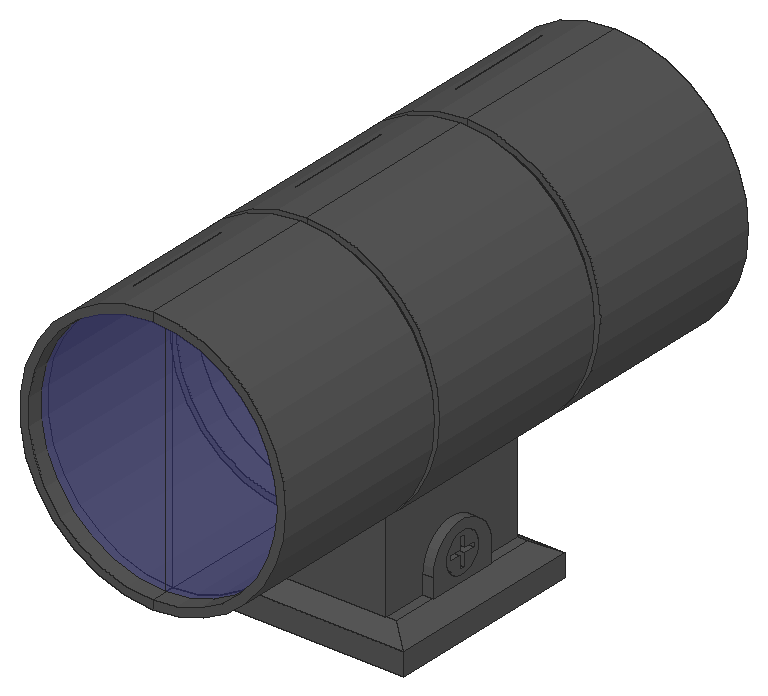
Revit family "CARLO CYLINDER LIGHT WALL MOUNT", category Lighting Fixtures, host Face, Revit 2020 (continued)
Types (10): name | Wattage_Input | Wattage Comments | Wattage | Photometric Web File | built-in parameter 1150142 | Model | built-in parameter 1150105 | Lumens | Light Length 1 | LIGHT RADIUS | LIGHT PLACEMENT | LIGHT LENGTH | LIGHT DIA | built-in parameter 1150106 | FIXED END HEIGHT | Curve base Height | Base Curve | BEAMING ANGLE | Apparent Load
    .72692 0.69215 0.65744 0.62108 0.5867 0.55883 \r\n 0.53307 0.50679 0.47926 0.45102 0.41568 0.36217 0.30569 0.29014 0.28557 0.27266 \r\n 0.26339 0.26771 0.27243 0.25904 0.25336 0.28812 0.32397 0.35258 0.38031 0.41165 \r\n 0.44389 0.47537 0.50747 0.54147 0.57599 0.60971 0.64379 0.67949 0.71525 0.74983 \r\n 0.7836 0.81543 0.8486 0.88839 0.92773 0.95859 0.98911 1.0269 1.0689 1.1147 \r\n 1.1635 1.2149 1.2676 1.3194 1.3726 1.429 1.489 1.5536 1.6224 1.6942 \r\n 1.7721 1.8596 1.9542 2.0529 2.1601 2.2779 2.4093 2.5566 2.7242 2.9147 \r\n 3.1351 3.3957 3.6894 4.004 4.3642 4.7957 5.2826 5.8109 6.4007 7.0795 \r\n 7.8108 8.5643 9.3492 10.154 11.01 11.969 12.96 13.906 14.872 15.902 \r\n 16.977 18.067 19.243 20.598 22.044 23.379 25.034 27.472 30.389 33.688 \r\n 37.223 40.388 44.475 49.223 58.685 79.132 103.64 126.18 150.36 178.65 \r\n 208.5 238.06 267.64 296.99 325.96 354.92 382.04 405.71 425.63 440.91 \r\n 451.75 456.95 459.91 464.18 468.2 471.49 474.38 476.88 479.4 482.5 \r\n 485.72 488.7 491.73 495.09 498.44 501.42 504.39 507.63 510.9 513.93 \r\n 517.09 520.64 524.52 528.78 533.41 538.28 543.76 550.11 557.5 566.03 \r\n 576.14 588.18 602.54 619.67 639.87 663.29 690.88 723.03 761.64 807.88 \r\n 864.3 936.92 1016.5 1090.3 1174.3 1282.8 1408 1546 1699 1869.2 \r\n 2052.7 2247.6 2449.4 2651.5 2857.5 3071.1 3285.6 3494.9 3700 3900.9 \r\n 4093.5 4273.3 4441 4594.7 4736.8 4870.4 4992.2 5100.1 5192.7 5265.2 \r\n 5326.1 5384.4 5433.4 5469 5492.2 5501.7 5500.9 5494.2 5477.4 5447.7 \r\n 5509.6 \r\n5444.5 5504.2 5517.5 5523.9 5521 5506.6 5480.2 5441.9 5388.4 5316.1 \r\n 5226.5 5118.2 4995.2 4861.7 4715.8 4556 4383.9 4200.1 4006.5 3805 \r\n 3596.9 3382.5 3167 2956.4 2748.7 2543.4 2341.3 2139.8 1949 1779.8 \r\n 1626.8 1488 1363.7 1256 1159 1065 981.09 913.4 856.32 806.29 \r\n 763.35 726.5 695.23 668.98 646.87 627.92 611.9 598.41 586.94 576.8 \r\n 568.12 560.98 554.91 549.45 544.65 540.48 536.67 532.93 529.32 525.81 \r\n 522.37 518.91 515.57 512.53 509.46 505.94 502.36 499.03 495.83 492.68 \r\n 489.74 487.25 484.89 482.38 479.81 477.4 474.46 470.08 465.1 461.24 \r\n 455.07 443.14 427.19 407.74 385.04 359.36 331.18 300.54 269.03 238.53 \r\n 208.28 177.55 148.25 122.5 98.947 75.595 56.487 46.696 41.126 36.18 \r\n 32.437 29.202 26.701 25.108 23.892 22.504 21.165 19.932 18.755 17.598 \r\n 16.486 15.449 14.432 13.362 12.319 11.38 10.481 9.5622 8.686 7.9057 \r\n 7.1847 6.4905 5.866 5.3613 4.9234 4.508 4.1383 3.8291 3.5616 3.3216 \r\n 3.1094 2.9231 2.7555 2.5969 2.4532 2.3285 2.2185 2.1218 2.0341 1.9505 \r\n 1.8711 1.7932 1.7193 1.6522 1.5888 1.5263 1.4673 1.4145 1.3649 1.316 \r\n 1.2699 1.2302 1.191 1.1448 1.0996 1.0635 1.0282 0.98761 0.9468 0.90951 \r\n 0.87336 0.83694 0.80105 0.76642 0.73186 0.69535 0.66009 0.62958 0.60086 0.57105 \r\n 0.54345 0.52465 0.50196 0.46122 0.41344 0.3657 0.31605 0.28361 0.26214 0.25374 \r\n 0.25251 0.25473 0.25585 0.2426 0.23741 0.27066 0.30524 0.33413 0.36233 0.39325 \r\n 0.42485 0.4557 0.48741 0.52188 0.55692 0.5905 0.62414 0.65898 0.69406 0.72881 \r\n 0.76317 0.79613 0.83006 0.86863 0.90692 0.93919 0.97146 1.0091 1.0499 1.0935 \r\n 1.1401 1.1906 1.2431 1.2953 1.3493 1.4058 1.4662 1.5323 1.6029 1.6759 \r\n 1.755 1.844 1.9401 2.0402 2.1484 2.2662 2.3977 2.5463 2.7152 2.9069 \r\n 3.127 3.3836 3.6716 3.9793 4.3341 4.7661 5.2554 5.7859 6.3751 7.0441 \r\n 7.7649 8.5167 9.2994 10.092 10.937 11.892 12.882 13.828 14.794 15.819 \r\n 16.895 18.011 19.211 20.552 21.99 23.36 25.078 27.632 30.642 33.897 \r\n 37.374 40.718 44.721 48.566 56.73 75.46 98.624 121.34 146.11 174.56 \r\n 204.4 233.7 262.96 292.07 320.88 349.76 376.97 401.03 421.57 437.82 \r\n 449.56 455.01 457.98 462.08 465.98 469.54 472.76 475.43 478.07 481.24 \r\n 484.54 487.69 490.9 494.38 497.84 500.94 503.98 507.19 510.39 513.38 \r\n 516.5 520.1 524.03 528.25 532.85 537.8 543.38 549.79 557.28 566.01 \r\n 576.39 588.73 603.42 620.83 641.35 665.17 693.25 726 765.3 812.71 \r\n 869.65 940.03 1018 1094.7 1182.9 1294.9 1423.2 1563.2 1717.8 1889.9 \r\n 2075.1 2272.1 2475.2 2677.4 2882.3 3092.5 3303.6 3512.5 3717.6 3917.2 \r\n 4108.2 4286.9 4453.5 4606.3 4747.3 4878.7 4997.8 5103.4 5194.1 5265.1 \r\n 5324.8 5382.1 5430.3 5465.6 5488.7 5497.9 5497 5490.8 5474.6 5444.7 \r\n 5509.6 \r\n5444.5 5499.5 5509.4 5511.9 5504.8 5487.2 5456.9 5412.5 5351.9 5272.4 \r\n 5175.7 5062.1 4934.2 4795.7 4644 4477 4298.2 4110.6 3914.3 3709.9 \r\n 3499.5 3284.2 3068.2 2856 2647.7 2444.4 2247 2054.3 1873.2 1711.8 \r\n 1565.5 1431.9 1313.4 1214.4 1125.4 1034.8 952.95 888.75 835.3 788.7 \r\n 748.84 714.42 685.15 660.55 639.86 622.29 607.47 594.9 584.23 574.95 \r\n 566.95 560.01 553.99 548.69 544.01 539.86 536.01 532.2 528.46 524.71 \r\n 521.05 517.6 514.32 511.31 508.31 505.03 501.7 498.47 495.31 492.22 \r\n 489.3 486.72 484.26 481.84 479.28 476.45 473.15 469.1 464.4 460.12 \r\n 453.05 439.6 421.97 401.06 377.16 350.77 322.12 291.04 259.27 228.7 \r\n 198.59 168.09 139.46 115.51 93.738 70.835 52.028 43.46 39.072 34.423 \r\n 30.792 28.041 25.984 24.484 23.253 21.909 20.609 19.39 18.229 17.119 \r\n 16.049 15.01 13.984 12.933 11.912 10.983 10.097 9.2071 8.3627 7.6041 \r\n 6.908 6.2552 5.6729 5.1957 4.7814 4.395 4.0492 3.7469 3.4823 3.2525 \r\n 3.0516 2.8745 2.716 2.568 2.4343 2.3173 2.2127 2.1177 2.0308 1.9506 \r\n 1.8743 1.7967 1.7233 1.6595 1.5996 1.5385 1.48 1.4264 1.3758 1.3266 \r\n 1.2795 1.2358 1.1926 1.1453 1.0999 1.064 1.0286 0.98785 0.94705 0.91075 \r\n 0.87561 0.83916 0.80325 0.76971 0.73606 0.69819 0.66279 0.63836 0.6154 0.58354 \r\n 0.55379 0.54184 0.52324 0.46923 0.40848 0.36667 0.32429 0.27514 0.23691 0.23319 \r\n 0.24015 0.24044 0.23821 0.22561 0.22138 0.25312 0.28638 0.31571 0.34456 0.37511 \r\n 0.40609 0.43636 0.46776 0.50274 0.53832 0.57165 0.60469 0.63852 0.67282 0.7078 \r\n 0.74288 0.77711 0.81184 0.84892 0.88592 0.91995 0.95434 0.99206 1.0315 1.0726 \r\n 1.1167 1.1657 1.2175 1.27 1.3246 1.3814 1.4423 1.51 1.5823 1.6565 \r\n 1.7366 1.8269 1.9241 2.0254 2.1345 2.2521 2.3832 2.5326 2.7022 2.8943 \r\n 3.1131 3.3645 3.6453 3.9447 4.2923 4.7222 5.211 5.7423 6.3297 6.9879 \r\n 7.697 8.4447 9.2236 10.007 10.84 11.788 12.773 13.72 14.687 15.708 \r\n 16.786 17.925 19.147 20.472 21.901 23.308 25.09 27.754 30.842 34.027 \r\n 37.421 40.902 44.857 48.143 55.238 71.851 93.142 115.78 140.94 169.36 \r\n 199.05 228.11 257.11 286.01 314.69 343.54 370.93 395.49 416.8 434.2 \r\n 447.02 453.03 456.25 460.32 464.15 467.98 471.54 474.43 477.22 480.46 \r\n 483.82 487.14 490.52 494.13 497.68 500.9 504 507.16 510.28 513.22 \r\n 516.31 519.94 523.89 528.04 532.56 537.54 543.18 549.6 557.12 566.01 \r\n 576.59 589.18 604.12 621.71 642.42 666.5 694.92 728.09 767.88 816.12 \r\n 873.35 941.59 1018.2 1098.2 1190.5 1304.4 1433.9 1575.1 1730.7 1904 \r\n 2090.5 2288.8 2492.8 2695 2898.6 3105.2 3312.8 3521.6 3727.1 3925.6 \r\n 4115.5 4293.7 4460.1 4612.9 4753.6 4883.4 5000.8 5105.1 5194.7 5265.1 \r\n 5324.3 5380.6 5428.1 5463.5 5487 5496.4 5495.9 5490.5 5474.9 5445 \r\n 5509.6 \r\n5444.5 5494.6 5501 5499.3 5488 5466.7 5432.3 5381.3 5313.5 5226.6 \r\n 5123.1 5004.4 4871.8 4727.9 4570.5 4396.3 4210.9 4019.5 3820.6 3613.5 \r\n 3401.1 3185.3 2969 2755 2545.9 2345 2152.7 1969.2 1798.2 1644.4 \r\n 1504.9 1376.5 1263.4 1172.7 1091.4 1004.9 926 865.4 815.37 771.74 \r\n 734.51 702.4 675.13 652.16 632.88 616.66 603.03 591.37 581.47 573.03 \r\n 565.69 558.95 552.97 547.85 543.31 539.18 535.3 531.42 527.57 523.58 \r\n 519.72 516.28 513.07 510.08 507.15 504.13 501.06 497.95 494.85 491.83 \r\n 488.95 486.3 483.78 481.43 478.86 475.61 471.95 468.26 463.78 458.84 \r\n 450.62 435.53 416.12 393.63 368.4 341.18 311.99 280.51 248.5 217.83 \r\n 187.84 157.61 129.75 107.75 87.993 65.993 47.847 40.358 36.917 32.596 \r\n 29.157 26.905 25.287 23.86 22.597 21.293 20.032 18.826 17.679 16.617 \r\n 15.59 14.548 13.514 12.482 11.486 10.569 9.697 8.8383 8.0278 7.2942 \r\n 6.6255 6.0153 5.4752 5.0252 4.6342 4.2772 3.9559 3.6613 3.4002 3.1804 \r\n 2.9903 2.8221 2.6726 2.5354 2.4119 2.3025 2.2033 2.11 2.0239 1.947 \r\n 1.8737 1.7968 1.7239 1.6632 1.6065 1.547 1.4888 1.4344 1.3826 1.3335 \r\n 1.2859 1.2384 1.1915 1.1436 1.0985 1.0626 1.0269 0.98623 0.94576 0.9104 \r\n 0.87615 0.83974 0.80385 0.77121 0.73841 0.69988 0.66494 0.64608 0.62825 0.59473 \r\n 0.56294 0.55608 0.54 0.47353 0.40082 0.36402 0.32812 0.26415 0.21109 0.21139 \r\n 0.22559 0.22439 0.21968 0.20863 0.20609 0.23636 0.26827 0.29804 0.32756 0.35779 \r\n 0.38821 0.41797 0.44908 0.48452 0.52053 0.55353 0.58588 0.6186 0.65204 0.68729 \r\n 0.72312 0.75854 0.79396 0.82941 0.86505 0.90091 0.93748 0.97548 1.0142 1.0527 \r\n 1.094 1.1413 1.1921 1.2447 1.2999 1.3572 1.4187 1.4878 1.5614 1.6364 \r\n 1.7172 1.808 1.9058 2.008 2.1176 2.2345 2.3647 2.514 2.6833 2.8745 \r\n 3.0906 3.3353 3.6079 3.898 4.2372 4.6614 5.146 5.6753 6.2588 6.9045 \r\n 7.6003 8.3404 9.1125 9.8859 10.71 11.647 12.624 13.569 14.537 15.554 \r\n 16.63 17.789 19.026 20.332 21.748 23.187 25.024 27.779 30.922 34.012 \r\n 37.3 40.862 44.78 47.781 54.004 68.231 87.256 109.55 134.87 162.95 \r\n 192.28 221.09 249.89 278.62 307.23 336.15 363.83 389.03 411.25 429.93 \r\n 444.02 450.93 454.74 458.91 462.73 466.83 470.7 473.82 476.78 480.06 \r\n 483.46 486.93 490.47 494.16 497.78 501.08 504.24 507.33 510.37 513.26 \r\n 516.34 519.98 523.92 527.96 532.38 537.37 543.03 549.4 556.89 565.87 \r\n 576.59 589.34 604.43 622.07 642.82 667.01 695.56 728.93 768.95 817.59 \r\n 874.81 941.31 1016.9 1100.1 1195.9 1310.1 1439 1580.3 1736.3 1910.1 \r\n 2097.1 2295.9 2500.2 2702 2904.4 3107.6 3312.1 3520.8 3726.9 3924.7 \r\n 4113.8 4292.2 4459 4612.5 4753.6 4882.7 4999.2 5103.3 5193 5263.7 \r\n 5323 5378.6 5425.5 5461.4 5485.7 5496 5496.4 5492.1 5477.3 5447.7 \r\n 5509.6 \r\n5444.5 5489.3 5492.1 5486.2 5470.5 5445.4 5406.4 5348.9 5274 5180.3 \r\n 5070.4 4946.8 4809.6 4660.4 4497.3 4316.5 4125.2 3930 3728.3 3518.9 \r\n 3305.1 3089.2 2872.9 2657.4 2447.7 2249.5 2062.4 1887.8 1726.4 1580.1 \r\n 1447 1323.7 1215.7 1132.1 1057.7 975.78 900.62 843.64 796.77 755.71 \r\n 720.72 690.79 665.44 644.03 626.1 611.17 598.65 587.83 578.64 570.95 \r\n 564.21 557.67 551.77 546.82 542.42 538.33 534.42 530.48 526.53 522.36 \r\n 518.35 514.93 511.79 508.78 505.9 503.11 500.31 497.32 494.3 491.38 \r\n 488.56 485.9 483.34 481.05 478.46 474.85 470.88 467.53 463.19 457.34 \r\n 447.72 430.94 409.77 385.67 359.07 330.97 301.2 269.37 237.19 206.42 \r\n 176.53 146.61 119.54 99.412 81.698 61.096 44.062 37.509 34.768 30.805 \r\n 27.628 25.846 24.623 23.252 21.946 20.681 19.46 18.267 17.134 16.115 \r\n 15.126 14.083 13.043 12.031 11.059 10.156 9.3011 8.473 7.6965 6.9906 \r\n 6.3514 5.782 5.2817 4.8575 4.4887 4.1595 3.8616 3.5758 3.3196 3.1093 \r\n 2.9291 2.769 2.6275 2.5004 2.3864 2.2839 2.1896 2.098 2.013 1.9389 \r\n 1.8684 1.7923 1.7202 1.6621 1.6079 1.5496 1.4918 1.4364 1.3835 1.3348 \r\n 1.2872 1.2368 1.187 1.1392 1.0948 1.0585 1.0224 0.98213 0.94235 0.90772 \r\n 0.87409 0.8378 0.80201 0.76989 0.73781 0.69966 0.66595 0.65139 0.63735 0.60303 \r\n 0.56972 0.5651 0.5491 0.47258 0.39049 0.35666 0.32524 0.25479 0.18586 0.18873 \r\n 0.20806 0.20612 0.2004 0.1922 0.19239 0.22127 0.25178 0.28184 0.31189 0.34186 \r\n 0.37183 0.40113 0.43194 0.46767 0.50392 0.53652 0.56813 0.5997 0.63225 0.66777 \r\n 0.70429 0.7406 0.77642 0.81026 0.84459 0.88211 0.92064 0.9587 0.99678 1.0344 \r\n 1.0729 1.1188 1.1686 1.2211 1.2767 1.3345 1.3967 1.4665 1.5407 1.616 \r\n 1.6968 1.7873 1.8848 1.9874 2.0969 2.2125 2.341 2.4892 2.6568 2.8452 \r\n 3.0566 3.2934 3.5565 3.8373 4.1668 4.5813 5.0569 5.5802 6.1563 6.7878 \r\n 7.4681 8.1957 8.9567 9.7206 10.534 11.458 12.422 13.364 14.33 15.339 \r\n 16.411 17.58 18.824 20.108 21.506 22.963 24.833 27.648 30.813 33.789 \r\n 36.947 40.522 44.384 47.306 52.824 64.522 81.025 102.73 127.91 155.27 \r\n 183.92 212.44 241.11 269.72 298.34 327.47 355.59 381.55 404.81 424.89 \r\n 440.44 448.65 453.43 457.88 461.76 466.08 470.18 473.52 476.66 479.97 \r\n 483.37 486.93 490.57 494.29 497.94 501.3 504.49 507.51 510.46 513.34 \r\n 516.41 520.02 523.92 527.84 532.15 537.12 542.77 549.05 556.47 565.45 \r\n 576.21 589.01 604.11 621.67 642.3 666.4 694.87 728.17 768.08 816.56 \r\n 873.48 938.88 1014.1 1100 1198.2 1310.5 1436.9 1577.4 1733 1906.5 \r\n 2093.2 2291.5 2495.2 2696.4 2897.6 3098.1 3300.1 3508.8 3715.5 3912.8 \r\n 4101.5 4280.5 4448.4 4603.1 4745.2 4874.6 4991.4 5096.5 5187.3 5259.2 \r\n 5319.2 5374.5 5421.2 5458 5483.8 5495.6 5497.5 5494.4 5480.6 5451.8 \r\n 5509.6 \r\n5444.5 5481.6 5480.7 5471.9 5453.2 5424.2 5381.1 5319.3 5240 5142.3 \r\n 5028.5 4900.6 4759.1 4605.7 4438.7 4255 4060.8 3861.5 3656.5 3446.6 \r\n 3233.4 3018.6 2803.5 2587.3 2377.7 2182.8 2000.4 1830.7 1674.3 1532.2 \r\n 1402.9 1284.1 1180 1098.8 1027 950 879.79 825.97 781.57 742.73 \r\n 709.67 681.5 657.69 637.52 620.62 606.56 594.75 584.44 575.63 568.27 \r\n 561.78 555.42 549.65 544.84 540.55 536.5 532.58 528.57 524.55 520.44 \r\n 516.52 513.15 510.03 506.93 503.96 501.2 498.5 495.65 492.81 490.08 \r\n 487.49 485.16 482.9 480.69 478.12 474.55 470.75 468.15 464.13 456.89 \r\n 445.4 427.24 404.8 379.48 351.82 322.9 292.57 260.57 228.32 197.17 \r\n 167 137.21 110.48 90.491 73.554 55.724 41.456 35.634 33.033 29.511 \r\n 26.712 25.167 24.078 22.73 21.412 20.188 19.014 17.854 16.745 15.733 \r\n 14.748 13.718 12.691 11.685 10.721 9.838 9.0054 8.1965 7.4419 6.7673 \r\n 6.1601 5.6149 5.1352 4.7298 4.3777 4.0636 3.7792 3.5058 3.26 3.0574 \r\n 2.8829 2.7264 2.5878 2.4643 2.3535 2.253 2.1602 2.0708 1.9877 1.9148 \r\n 1.8452 1.7705 1.6994 1.6409 1.586 1.5278 1.47 1.413 1.359 1.3117 \r\n 1.2663 1.2176 1.1696 1.1248 1.0827 1.0451 1.0076 0.96927 0.93156 0.89637 \r\n 0.86182 0.82611 0.79082 0.75706 0.72451 0.69186 0.66324 0.6461 0.62924 0.60024 \r\n 0.57019 0.55477 0.52785 0.45476 0.37674 0.33417 0.29489 0.23058 0.17014 0.16692 \r\n 0.17951 0.18054 0.18123 0.18111 0.18782 0.21538 0.24409 0.27336 0.30304 0.33304 \r\n 0.36309 0.39212 0.42246 0.45749 0.49302 0.52525 0.55642 0.58689 0.61851 0.65427 \r\n 0.69103 0.72641 0.76109 0.79414 0.828 0.86692 0.90724 0.94636 0.98525 1.0227 \r\n 1.0626 1.1096 1.1603 1.212 1.2667 1.3255 1.3882 1.4558 1.5271 1.6004 \r\n 1.6788 1.7649 1.8583 1.9596 2.0678 2.1795 2.303 2.4465 2.6078 2.786 \r\n 2.9856 3.2105 3.4625 3.737 4.0573 4.4491 4.8994 5.4036 5.961 6.572 \r\n 7.229 7.926 8.6587 9.41 10.213 11.115 12.055 12.977 13.924 14.914 \r\n 15.966 17.111 18.329 19.582 20.94 22.335 24.137 26.907 29.996 32.801 \r\n 35.745 39.101 42.717 45.624 50.541 59.704 73.59 94.582 119.2 144.53 \r\n 171.26 199.33 228.12 256.86 285.9 315.89 345.13 372.26 396.86 418.55 \r\n 435.95 446.57 453.39 458.3 462.03 466.2 470.14 473.61 476.87 480.08 \r\n 483.31 486.75 490.25 493.79 497.28 500.56 503.7 506.66 509.56 512.48 \r\n 515.57 519.07 522.84 526.7 530.97 535.91 541.51 547.69 554.96 563.78 \r\n 574.31 586.81 601.56 618.71 638.87 662.42 690.24 722.74 761.66 808.32 \r\n 864.34 932.6 1010.7 1096.9 1192.5 1297.1 1415.4 1552.6 1706.4 1877.9 \r\n 2062.4 2257.4 2458 2657.6 2858.3 3059.7 3262.9 3471.7 3678 3874.5 \r\n 4062.9 4243.2 4412.9 4568.7 4712.4 4844.9 4965.5 5074.5 5168.9 5243 \r\n 5304.6 5360.5 5407.9 5446.9 5475.4 5490.4 5495.1 5493.2 5480.5 5453.7 \r\n 5509.6 \r\n5444.5 5473.1 5468.7 5456.9 5435.1 5402.1 5354.7 5288.7 5205.5 5104.2 \r\n 4986.9 4854.9 4709.2 4551.7 4381.2 4195.3 3998.9 3795.6 3587.3 3377.3 \r\n 3165.4 2952.1 2738.3 2522.1 2313.1 2121.9 1944.2 1778.8 1626.6 1488.4 \r\n 1362.9 1248.3 1147.8 1067.7 997.41 925.39 860.55 809.79 767.6 730.72 \r\n 699.35 672.8 650.4 631.37 615.4 602.11 590.89 581.02 572.53 565.4 \r\n 559.09 552.93 547.34 542.66 538.47 534.48 530.58 526.51 522.45 518.45 \r\n 514.67 511.37 508.25 505.04 501.95 499.19 496.55 493.82 491.15 488.62 \r\n 486.27 484.29 482.33 480.17 477.61 474.14 470.52 468.49 464.55 455.67 \r\n 442.15 422.63 399.02 372.58 343.95 314.22 283.34 251.26 219.05 187.66 \r\n 157.33 127.78 101.43 81.458 65.23 50.481 39.275 34.07 31.426 28.356 \r\n 25.967 24.593 23.568 22.232 20.906 19.72 18.591 17.466 16.381 15.369 \r\n 14.379 13.365 12.356 11.355 10.399 9.5366 8.7278 7.937 7.2031 6.5611 \r\n 5.9863 5.4624 4.9998 4.611 4.2738 3.9722 3.6994 3.4393 3.2054 3.0101 \r\n 2.8403 2.6867 2.55 2.4288 2.32 2.2205 2.1287 2.0413 1.9601 1.888 \r\n 1.819 1.7458 1.6759 1.6162 1.5599 1.5017 1.4438 1.3854 1.3304 1.2846 \r\n 1.2414 1.1953 1.1501 1.1087 1.0689 1.0296 0.99081 0.95446 0.91891 0.88295 \r\n 0.84725 0.81212 0.77737 0.7418 0.70873 0.68211 0.65881 0.63782 0.61682 0.59344 \r\n 0.56682 0.53834 0.49883 0.43181 0.3606 0.30777 0.25899 0.2029 0.15318 0.14358 \r\n 0.14877 0.15338 0.16142 0.17037 0.18441 0.21083 0.2377
